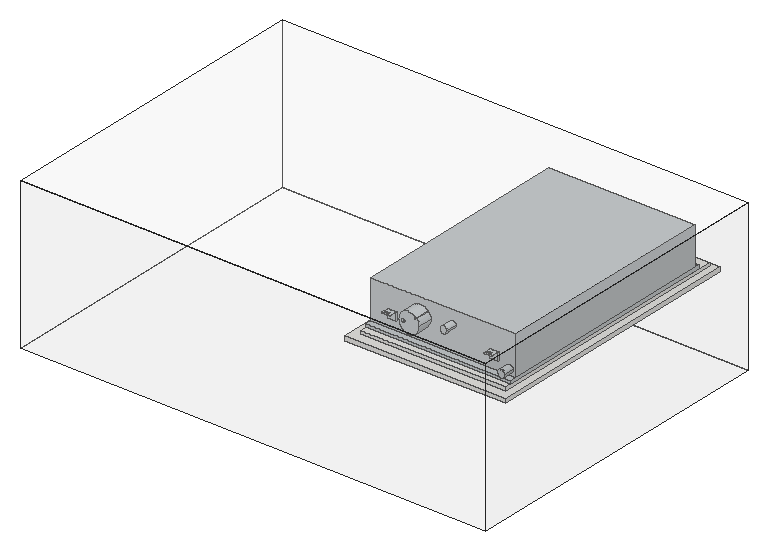
Revit family "pm-rp40_80fa22_60hz", category 機械設備, Revit 2023
Family settings
  丸型コネクタ寸法 = 直径を使用
  パーツ タイプ = 標準
  OmniClass 番号 = 23.75.10.24.21.27.27
  OmniClass タイトル = Split System Air Conditioning Units
  作業面ベース = いいえ
  常に垂直 = はい
  ロード時にボイドで切り取り = いいえ
  注釈の向きを維持 = いいえ
  共有 = いいえ
  部屋計算ポイント = はい
Parameters (values of type "PM-RP40FA22")
  風量_静 (㎥/min) = 11
  風量_強 (㎥/min) = 15
  風量_弱 (㎥/min) = 12
  風量_中 (㎥/min) = 14
  風量 = MAX風量  # 900.0 m³/h
  音響パワーレベル(dB) = [音響パワーレベル_強 (dB)]  # 55
  音響パワーレベル_静 (dB) = 47
  音響パワーレベル_強 (dB) = 55
  音響パワーレベル_弱 (dB) = 50
  音響パワーレベル_中 (dB) = 52
  電源種別 = ""
  電源_H = 60 mm
  電圧 = 0 V
  電動機出力_送風機 = 0.09 kW
  運転質量 = 0.00 kg
  連動 = ""
  質量 = if(製品質量 > 運転質量, 製品質量, 運転質量) * 1.2  # 37.80 kg
  負荷分類 = 3_ファン類
  製品質量_本体 = 25.00 kg
  製品質量_パネル = 6.50 kg
  構成品番 = ""
  既定の高さ = 0 mm
  ドレン管径 (外径) = 32.00 mm
  ドレン管径 = 25.00 mm
  サービススペース = yes
  【値が 0 の項目は組合せ形名にてご確認ください】 = ""
  URL = "https://www.mitsubishielectric.co.jp/ldg/wink/qr/002/364727"
  説明 = "店舗・事務所用パッケージエアコン(Mr.SLIM) [本体]1方向天井カセット形"
  設計暖房能力 = 0.00 kW
  設計冷房能力_顕熱 = 0 kW
  設計冷房能力 = 0 kW
  設置方法 = "カセット形"
  記号 = ""
  製造元 = "三菱電機株式会社"
  製品質量 = 製品質量_本体 + 製品質量_パネル  # 31.50 kg
  製品出荷対象 = "国内"
  製品リリース年月 = "2026/5/11"
  製品グループ = ""
  系統 = ""
  符号 = "PAC-CK1"
  積算_科目 = "1 空気調和設備"
  積算_拾い区分 [instance] = ""
  盤記号 = ""
  発停方法 = "別売リモコン"
  特殊仕様 = ""
  火災停止 = ""
  消費電力_暖房 = 0.07 kW
  消費電力_冷房 = 0.08 kW
  消費電力 = if(消費電力_冷房 > 消費電力_暖房, 消費電力_冷房, 消費電力_暖房)  # 0.08 kW
  法定耐用年数 = "6"
  極数 = 3
  材質 = ""
  本体マテリアル = none
  有効加湿量 = 0
  暖房能力 = 4.00 kW
  形式_加湿器 = ""
  形式 = "カセット形（1方向吹出形）"
  幹線記号 = ""
  始動方式 = "インバータ"
  呼称 = "パッケージ形空気調和機_室内機"
  周波数 = 60 Hz
  吊り位置Y = 1173 mm
  吊り位置X = 510 mm
  吊りボルト_H = 117 mm
  台数_手元リモコン = ""
  台数_冷媒分岐ユニット = ""
  参照している仕様書等のバージョン = "公共建築工事標準仕様書（機械設備工事編）平成31年度版"
  加湿給水管径 = 0.00 mm
  分類コード = "50053003123010"
  分類グループ = "設備"
  冷房能力 = 3.6 kW
  冷媒高低圧ガス管径 = 0.00 mm
  冷媒管径符号 = "Ac"
  冷媒管径 = 100.00 mm
  冷媒液管高さ = 171 mm
  冷媒液管長さ = 72 mm
  冷媒液管径 = 6.35 mm
  冷媒ガス管高さ = 141 mm
  冷媒ガス管長さ = 72 mm
  冷媒ガス管径 = 12.70 mm
  企業コード = "108420"
  付属品_フィルター = ""
  付属品 = ""
  モデル = "PM-RP40FA22"
  パネルマテリアル = none
  ドレン管高さ = 159 mm
  コメント [instance] = ""
  Width = 724 mm
  Version = ""
  Uniclass2015Version = "Systems v1.9"
  Uniclass2015Title = "Split coil remote air cooled condensing units"
  Uniclass2015Code = "Pr_70_65_03_84"
  SpecificationReference = ""
  SpecificationDescription = ""
  S_H = 230 mm
  Revision = ""
  ProductInformation = ""
  Panel Width = 800 mm
  Panel Height = 20 mm
  Panel Depth = 1340 mm
  OmniClassCode = "23-33 17 13 11"
  MIN風量 = [風量_静 (㎥/min)] * 60.0 m³/h  # 660.0 m³/h
  MID風量2 = [風量_弱 (㎥/min)] * 60.0 m³/h  # 720.0 m³/h
  MID風量 = [風量_中 (㎥/min)] * 60.0 m³/h  # 840.0 m³/h
  MAX風量 = [風量_強 (㎥/min)] * 60.0 m³/h  # 900.0 m³/h
  IfcTypeProduct = ""
  IfcProduct = ""
  IfcExportType = "AIRCONDITIONINGUNIT"
  IfcExportAs = "IfcUnitaryEquipmentType"
  Height = 225 mm
  Depth = 1112 mm
  価格 = 0
  Clearance Top = 230 mm
  Clearance Right = 20 mm
  Clearance Left = 1500 mm
  Clearance Front = 150 mm
  Clearance Bottom = 500 mm
  Clearance Back = 150 mm
  BLCJ仕様バージョン = "2.0"
  Author = "三菱電機株式会社"
Types (8, lengths in mm): name | 風量_静 (㎥/min) | 風量_強 (㎥/min) | 風量_弱 (㎥/min) | 風量_中 (㎥/min) | 風量 | 音響パワーレベル(dB) | 音響パワーレベル_静 (dB) | 音響パワーレベル_強 (dB) | 音響パワーレベル_弱 (dB) | 音響パワーレベル_中 (dB) | 電源_H | 電動機出力_送風機 | 質量 | 製品質量_本体 | URL | 製品質量 | 消費電力_暖房 | 消費電力_冷房 | 消費電力 | 暖房能力 | 冷房能力 | 冷媒管径符号 | 冷媒液管径 | 冷媒ガス管径 | モデル | MIN風量 | MID風量2 | MID風量 | MAX風量
  PM-RP40FA22 | 11 | 15 | 12 | 14 | 900.0 m³/h | 55 | 47 | 55 | 50 | 52 | 60 | 0.09 kW | 37.80 kg | 25.00 kg | "https://www.mitsubishielectric.co.jp/ldg/wink/qr/002/364727" | 31.50 kg | 0.07 kW | 0.08 kW | 0.08 kW | 4.00 kW | 3.6 kW | "Ac" | 6.35 | 12.70 | "PM-RP40FA22" | 660.0 m³/h | 720.0 m³/h | 840.0 m³/h | 900.0 m³/h
  PM-RP45FA22 | 11 | 15 | 12 | 14 | 900.0 m³/h | 55 | 47 | 55 | 50 | 52 | 60 | 0.09 kW | 37.80 kg | 25.00 kg | "https://www.mitsubishielectric.co.jp/ldg/wink/qr/002/364728" | 31.50 kg | 0.07 kW | 0.08 kW | 0.08 kW | 4.50 kW | 4 kW | "Ac" | 6.35 | 12.70 | "PM-RP45FA22" | 660.0 m³/h | 720.0 m³/h | 840.0 m³/h | 900.0 m³/h
  PM-RP50FA22 | 11 | 15 | 12 | 14 | 900.0 m³/h | 55 | 47 | 55 | 50 | 52 | 60 | 0.09 kW | 37.80 kg | 25.00 kg | "https://www.mitsubishielectric.co.jp/ldg/wink/qr/002/364729" | 31.50 kg | 0.07 kW | 0.08 kW | 0.08 kW | 5.00 kW | 4.5 kW | "Ac" | 6.35 | 12.70 | "PM-RP50FA22" | 660.0 m³/h | 720.0 m³/h | 840.0 m³/h | 900.0 m³/h
  PM-RP56FA22 | 14 | 17 | 15 | 16 | 1020.0 m³/h | 55 | 50 | 55 | 51 | 53 | 60 | 0.095 kW | 39.00 kg | 26.00 kg | "https://www.mitsubishielectric.co.jp/ldg/wink/qr/002/364730" | 32.50 kg | 0.07 kW | 0.08 kW | 0.08 kW | 5.60 kW | 5 kW | "Ac" | 6.35 | 12.70 | "PM-RP56FA22" | 840.0 m³/h | 900.0 m³/h | 960.0 m³/h | 1020.0 m³/h
  PM-RP63FA22 | 14 | 19 | 16 | 17 | 1140.0 m³/h | 56 | 50 | 56 | 52 | 54 | 60 | 0.095 kW | 39.00 kg | 26.00 kg | "https://www.mitsubishielectric.co.jp/ldg/wink/qr/002/364731" | 32.50 kg | 0.08 kW | 0.09 kW | 0.09 kW | 6.30 kW | 5.6 kW | "Ac" | 6.35 | 12.70 | "PM-RP63FA22" | 840.0 m³/h | 960.0 m³/h | 1020.0 m³/h | 1140.0 m³/h
  PM-RP71FA22 | 14 | 20 | 16 | 18 | 1200.0 m³/h | 58 | 51 | 58 | 53 | 55 | 60 | 0.095 kW | 39.00 kg | 26.00 kg | "https://www.mitsubishielectric.co.jp/ldg/wink/qr/002/364732" | 32.50 kg | 0.09 kW | 0.10 kW | 0.10 kW | 7.10 kW | 6.3 kW | "Bd" | 9.52 | 15.88 | "PM-RP71FA22" | 840.0 m³/h | 960.0 m³/h | 1080.0 m³/h | 1200.0 m³/h
  PM-RP80FA22 | 14 | 20 | 16 | 18 | 1200.0 m³/h | 58 | 51 | 58 | 53 | 55 | 0 | 0.095 kW | 39.00 kg | 26.00 kg | "https://www.mitsubishielectric.co.jp/ldg/wink/qr/002/364733" | 32.50 kg | 0.09 kW | 0.10 kW | 0.10 kW | 8.00 kW | 7.1 kW | "Bd" | 9.52 | 15.88 | "PM-RP80FA22" | 840.0 m³/h | 960.0 m³/h | 1080.0 m³/h | 1200.0 m³/h
  PM-HRP80FA22 | 14 | 20 | 16 | 18 | 1200.0 m³/h | 59 | 51 | 59 | 53 | 55 | 0 | 0.095 kW | 40.20 kg | 27.00 kg | "https://www.mitsubishielectric.co.jp/ldg/wink/qr/002/364734" | 33.50 kg | 0.10 kW | 0.11 kW | 0.11 kW | 8.00 kW | 7.1 kW | "Bd" | 9.52 | 15.88 | "PM-HRP80FA22" | 840.0 m³/h | 960.0 m³/h | 1080.0 m³/h | 1200.0 m³/h
Reference planes
  plane 1 "中心(正面/背面)": y = 0
  plane 2: z = 0
  plane 3 "中心(左/右)": x = 0
  plane 4: x = -400
  plane 5: x = 400
  plane 6: y = 670
  plane 7: y = -670
  plane 8: z = 225
  plane 9: z = 230
  plane 10: x = -255
  plane 11: x = 255
  plane 12: y = 586.5
  plane 13: y = -586.5
  plane 14: y = 556
  plane 15: y = -556
  plane 16: x = -362
  plane 17: x = 362
  plane 18: x = -1900
  plane 19: x = 420
  plane 20: y = 820
  plane 21: y = -820
  plane 22: z = 230
  plane 23: z = -20
  plane 24: z = -520
Dimensions and locks
  equal spacing: plane 4, plane 3 "中心(左/右)", plane 5
  plane 4 to plane 5 = 800 mm
  equal spacing: plane 7, plane 1 "中心(正面/背面)", plane 6
  plane 4 to plane 10 = 145 mm
  plane 11 to plane 5 = 145 mm
  "S_H": plane 9 to level
  "吊り位置X": plane 10 to plane 11
  equal spacing: plane 10, plane 3 "中心(左/右)", plane 11
  equal spacing: plane 13, plane 1 "中心(正面/背面)", plane 12
  "吊り位置Y": plane 13 to plane 12
  equal spacing: plane 15, plane 1 "中心(正面/背面)", plane 14
  "Depth": plane 15 to plane 14
  equal spacing: plane 16, plane 3 "中心(左/右)", plane 17
  "Width": plane 16 to plane 17
  "Clearance Left": plane 18 to plane 4
  "Clearance Right": plane 5 to plane 19
  "Clearance Back": plane 6 to plane 20
  "Clearance Front": plane 21 to plane 7
  locked: level to plane 23 at 20
  "Clearance Bottom": plane 23 to plane 24
  "Clearance Top": plane 22 to level
  plane 12 to plane 6 = 83.5 mm
  plane 7 to plane 13 = 83.5 mm
  plane 7 to plane 6 = 1340 mm
  "Height": plane 8 to level
  aligned and locked: level to plane 2
  aligned and locked: plane 10 to nested 2
  aligned and locked: plane 11 to nested 2
  aligned and locked: nested 2 to plane 12
  aligned and locked: plane 13 to nested 2
  aligned and locked: plane 18 to nested 1
  aligned and locked: plane 19 to nested 1
  aligned and locked: nested 1 to plane 21
  aligned and locked: nested 1 to plane 20
  aligned and locked: plane 22 to nested 1
  aligned and locked: plane 24 to nested 1
  aligned and locked: plane 1 "中心(正面/背面)" to nested 3
  aligned and locked: nested 3 to plane 3 "中心(左/右)"
Nested families
  nested 1: "サービススペース" at (-740, 0, -145), visible <- "サービススペース", type "サービススペース", detail levels fine
    with Width 2320 mm, Height 750 mm, Depth 1640 mm
  nested 2: "固定点" at (-255, -586.5, 0), type "固定点"
    with W 510 mm, D 1173 mm
  nested 3: "PM-RP_FA" at (0, 0, 0) x (0, -1, 0) z (0, 0, 1), type "PM-RP_FA"
    with ユニット表示 yes, 液配管サイズ 6.35 mm, ガス配管サイズ 12.7 mm
Connectors
  piping at (47, -613, 159), diameter 25, driven by "ドレン管径"
    settings: on nested 3, index 1, connector inside diameter 609.60 mm, connector length 0 mm, flow factor 0, pipe flow 0.0 L/s, pressure drop 0.0 Pa, fitting loss kfactor 0, connector angle 0.00°, fixture units 0, engagement length 0 mm, angle of deflection 0.00°, flow configuration 1, flow direction 2, fitting loss method 4, system type 16, joint type 0, gender type 0, connector reference index -1, connector utility 0, adjustable connector no, is connector primary yes, connector description ""
  piping at (-113, -628, 141), diameter 100, driven by "冷媒管径", driven by "冷媒管径符号"
    settings: on nested 3, index 2, connector inside diameter 609.60 mm, connector length 0 mm, flow factor 0, pipe flow 0.0 L/s, pressure drop 0.0 Pa, fitting loss kfactor 0, connector angle 0.00°, fixture units 0, engagement length 0 mm, angle of deflection 0.00°, flow configuration 1, flow direction 1, fitting loss method 4, system type 7, joint type 0, gender type 0, connector reference index -1, connector utility 0, adjustable connector no, is connector primary no, connector description "Ac"
  electrical at (330, -606, 60), driven by "極数", driven by "負荷分類", driven by "電圧", driven by "消費電力"
    settings: on nested 3, index 3, voltage 0 V, apparent load 80 VA, apparent load phase1 0 VA, apparent load phase2 0 VA, apparent load phase3 0 VA, power factor 1, load classification "3_ファン類", number of poles 3, system type 30, power factor state 1, is connector primary yes, connector utility no, sub classification motor no, connector description ""
Definition of nested family "サービススペース"
  Parameters (values of type "サービススペース")
    Default Elevation = 0 mm
    Width [instance] = 500 mm
    Height [instance] = 500 mm
    Depth [instance] = 500 mm
  Reference planes
    plane 1 "中心(正面/背面)": y = 0
    plane 2: z = 0
    plane 3 "中心(左/右)": x = 0
    plane 4: y = -250
    plane 5: x = 250
    plane 6: y = 250
    plane 7: x = -250
    plane 8: z = 250
    plane 9: z = -250
  Forms (mm)
    Extrusion 1, solid
      sketch origin (-638.939, 0, 72.39) x (1, 0, 0) y (0, 1, 0)
        loop
          line (388.939, 250) -> (388.939, -250) -> (888.939, -250) -> (888.939, 250) -> (388.939, 250)
      from -322.39 to 177.61
  Lines and regions (mm)
    symbolic lines
      curve 1: line (-250, 0, 250) -> (250, 0, 250)
      curve 2: line (-250, 0, -250) -> (-250, 0, 250)
      curve 3: line (250, 0, -250) -> (-250, 0, -250)
      curve 4: line (250, 0, 250) -> (250, 0, -250)
      curve 5: line (0, -250, 250) -> (0, 250, 250)
      curve 6: line (0, -250, -250) -> (0, -250, 250)
      curve 7: line (0, 250, -250) -> (0, -250, -250)
      curve 8: line (0, 250, 250) -> (0, 250, -250)
      curve 9: line (-250, 250, 0) -> (250, 250, 0)
      curve 10: line (-250, -250, 0) -> (-250, 250, 0)
      curve 11: line (250, -250, 0) -> (-250, -250, 0)
      curve 12: line (250, 250, 0) -> (250, -250, 0)
  Dimensions and locks
    equal spacing: plane 7, plane 3 "中心(左/右)", plane 5
    equal spacing: plane 4, plane 1 "中心(正面/背面)", plane 6
    "Depth": plane 4 to plane 6
    "Width": plane 7 to plane 5
    equal spacing: plane 8, plane 2, plane 9
    "Height": plane 8 to plane 9
    aligned and locked: plane 9 to curve 3
    aligned and locked: plane 7 to curve 2
    aligned and locked: curve 4 to plane 5
    aligned and locked: plane 5 to Extrusion 1
    aligned and locked: Extrusion 1 to plane 7
    aligned and locked: Extrusion 1 to plane 9
    aligned and locked: plane 8 to Extrusion 1
    aligned and locked: plane 9 to curve 7
  Automatic sketch dimensions
    plane 4 to Extrusion 1 sketch curve = 0 mm
    Extrusion 1 sketch curve to plane 7 = 0 mm
    Extrusion 1 sketch curve to plane 5 = 0 mm
    plane 6 to Extrusion 1 sketch curve = 0 mm
    curve 2 to plane 8 = 0 mm
    plane 4 to curve 11 = 0 mm
    curve 11 to plane 7 = 0 mm
    curve 11 to plane 5 = 0 mm
    plane 6 to curve 10 = 0 mm
    curve 7 to plane 4 = 0 mm
    curve 7 to plane 6 = 0 mm
    curve 6 to plane 8 = 0 mm
Definition of nested family "PM-RP_FA"
  Parameters (values of type "PM-RP_FA")
    配線取出口サイズ = 36 mm
    配線取出口-Z = 60 mm
    配線取出口-Y = 32 mm
    配線取出口-X = 50 mm
    液配管サイズ = 9.5 mm
    Default Elevation = 0 mm
    冷媒ガス管径-Z2 = 141 mm
    冷媒ガス管径-Z1 = 171 mm
    A = 幅さ + 228 mm  # 1340 mm
    高さ = 225 mm
    奥行き = 724 mm
    吊りボルト_H = 117 mm
    冷媒配管 = 100 mm
    冷媒液管径-Z = 171 mm
    冷媒液管径-Y = 445 mm
    冷媒液管径-X = 72 mm
    冷媒ガス管径-Z = 141 mm
    冷媒ガス管径-Y = 505 mm
    冷媒ガス管径-X = 72 mm
    ユニット表示 [instance] = yes
    ボルトピッチ = 510 mm
    ドレン配管サイズ = 32 mm
    ドレン管径-Z = 159 mm
    ドレン管径-Y = 315 mm
    ドレン管径-X = 57 mm
    ガス配管サイズ = 15.9 mm
    D = 幅さ + 61 mm  # 1173 mm
    幅さ = 1112 mm
    B = 幅さ + 188 mm  # 1300 mm
  Reference planes
    plane 1 "中心(正面/背面)": y = 0
    plane 2: z = 0
    plane 3 "中心(左/右)": x = 0
    plane 4: x = -670
    plane 5: x = 670
    plane 6: y = 400
    plane 7: y = -400
    plane 8: z = 225
    plane 9: z = -20
    plane 10: x = -556
    plane 11: x = 556
    plane 12: y = 362
    plane 13: y = -362
    plane 14: z = 16
    plane 15: x = -650
    plane 16: x = 650
    plane 17: x = 586.5
    plane 18: x = -586.5
    plane 19: z = 32
    plane 20: x = 620
    plane 21: y = 255
    plane 22: y = -255
    plane 23: x = 628
    plane 24: y = -143
    plane 25: z = 141
    plane 26: x = 628
    plane 27: y = -83
    plane 28: x = 613
    plane 29: y = 47
    plane 30: z = 159
    plane 31: x = 606
    plane 32: y = 330
    plane 33: z = 60
    plane 34: z = 117
    plane 35: z = 115
    plane 36: z = 75
    plane 37: y = 275
    plane 38: y = 235
    plane 39: y = -235
    plane 40: y = -275
    plane 41: y = 260
    plane 42: y = 250
    plane 43: y = -250
    plane 44: y = -260
    plane 45: x = -596
    plane 46: x = 596
    plane 47: x = -558
    plane 48: x = 558
    plane 49: z = 141
    plane 50: z = 171
  Forms (mm)
    Extrusion 1, solid, visible <- "ユニット表示", detail levels fine
      sketch origin (0, 0, 0) x (1, 0, 0) y (0, 1, 0)
        loop
          line (-556, 362) -> (-556, -362) -> (556, -362) -> (556, 362) -> (-556, 362)
      from 32 to 225
    Extrusion 2, solid, visible <- "ユニット表示", detail levels fine
      sketch origin (-1437.329, -1524, 16) x (-1, 0, 0) y (0, -1, 0)
        loop
          line (-850.829, -1886) -> (-850.829, -1162) -> (-2023.829, -1162) -> (-2023.829, -1886) -> (-850.829, -1886)
      from 0 to 16
    Extrusion 3, solid, visible <- "ユニット表示", detail levels fine
      sketch origin (-1437.329, -1524, 16) x (-1, 0, 0) y (0, -1, 0)
        loop
          line (-787.329, -1886) -> (-787.329, -1162) -> (-2057.329, -1162) -> (-2057.329, -1886) -> (-787.329, -1886)
      from 0 to -16
    Extrusion 4, solid, visible <- "ユニット表示", detail levels fine
      sketch origin (556, 1296.25, 1200) x (0, 1, 0) y (0, 0, 1)
        loop
          circle (-1439.25, -1059) r 7.95
      from 0 to 72
    Extrusion 5, solid, visible <- "ユニット表示", detail levels fine
      sketch origin (556, 1296.25, 1200) x (0, 1, 0) y (0, 0, 1)
        loop
          circle (-1379.25, -1029) r 4.75
      from 0 to 72
    Extrusion 6, solid, visible <- "ユニット表示", detail levels fine
      sketch origin (556, 1296.25, 1200) x (0, 1, 0) y (0, 0, 1)
        loop
          circle (-1249.25, -1041) r 16
      from 0 to 57
    Extrusion 7, solid, visible <- "ユニット表示", detail levels fine
      sketch origin (556, 1296.25, 1200) x (0, 1, 0) y (0, 0, 1)
        loop
          circle (-966.25, -1140) r 18
      from 0 to 50
    Extrusion 8, solid, visible <- "ユニット表示", detail levels fine
      sketch origin (556, 1306.25, 1200) x (0, 1, 0) y (0, 0, 1)
        loop
          circle (-1419.25, -1059) r 50
      from 0 to 72
    Extrusion 9, solid, visible <- "ユニット表示"
      sketch origin (0, 0, 0) x (1, 0, 0) y (0, 1, 0)
        loop
          line (-670, 400) -> (-670, -400) -> (670, -400) -> (670, 400) -> (-670, 400)
      from 0 to -20
    Extrusion 10, solid, visible <- "ユニット表示", detail levels fine
      sketch origin (0, 0, 0) x (1, 0, 0) y (0, 1, 0)
        loop
          line (-581.5, 260) -> (-581.5, 250)
          arc (-581.5, 250) -> (-586.5, 245) -> (-591.5, 250) r 5
          line (-591.5, 250) -> (-596, 250) -> (-596, 235) -> (-556, 235) -> (-556, 275) -> (-596, 275) -> (-596, 260) -> (-591.5, 260)
          arc (-591.5, 260) -> (-586.5, 265) -> (-581.5, 260) r 5
        loop
          arc (581.5, 260) -> (586.5, 265) -> (591.5, 260) r 5
          line (591.5, 260) -> (596, 260) -> (596, 275) -> (556, 275) -> (556, 235) -> (596, 235) -> (596, 250) -> (591.5, 250)
          arc (591.5, 250) -> (586.5, 245) -> (581.5, 250) r 5
          line (581.5, 250) -> (581.5, 260)
        loop
          line (581.5, -260) -> (581.5, -250)
          arc (581.5, -250) -> (586.5, -245) -> (591.5, -250) r 5
          line (591.5, -250) -> (596, -250) -> (596, -235) -> (556, -235) -> (556, -275) -> (596, -275) -> (596, -260) -> (591.5, -260)
          arc (591.5, -260) -> (586.5, -265) -> (581.5, -260) r 5
        loop
          arc (-581.5, -260) -> (-586.5, -265) -> (-591.5, -260) r 5
          line (-591.5, -260) -> (-596, -260) -> (-596, -275) -> (-556, -275) -> (-556, -235) -> (-596, -235) -> (-596, -250) -> (-591.5, -250)
          arc (-591.5, -250) -> (-586.5, -245) -> (-581.5, -250) r 5
          line (-581.5, -250) -> (-581.5, -260)
      from 115 to 117
    Extrusion 11, solid, visible <- "ユニット表示", detail levels fine
      sketch origin (0, 0, 0) x (1, 0, 0) y (0, 1, 0)
        loop
          line (-558, 275) -> (-558, 235) -> (-556, 235) -> (-556, 275) -> (-558, 275)
        loop
          line (556, 275) -> (556, 235) -> (558, 235) -> (558, 275) -> (556, 275)
        loop
          line (556, -235) -> (556, -275) -> (558, -275) -> (558, -235) -> (556, -235)
        loop
          line (-558, -235) -> (-558, -275) -> (-556, -275) -> (-556, -235) -> (-558, -235)
      from 75 to 115
  Dimensions and locks
    equal spacing: plane 7, plane 1 "中心(正面/背面)", plane 6
    plane 7 to plane 6 = 800 mm
    equal spacing: plane 4, plane 3 "中心(左/右)", plane 5
    "A": plane 4 to plane 5
    locked: level to plane 9 at 20
    equal spacing: plane 13, plane 1 "中心(正面/背面)", plane 12
    "奥行き": plane 13 to plane 12
    equal spacing: plane 10, plane 3 "中心(左/右)", plane 11
    "幅さ": plane 10 to plane 11
    locked: plane 14 to level at 16
    equal spacing: plane 15, plane 3 "中心(左/右)", plane 16
    "B": plane 15 to plane 16
    equal spacing: plane 18, plane 3 "中心(左/右)", plane 17
    "D": plane 18 to plane 17
    equal spacing: plane 22, plane 1 "中心(正面/背面)", plane 21
    "ボルトピッチ": plane 22 to plane 21
    "冷媒ガス管径-X": plane 11 to plane 23
    "冷媒ガス管径-Y": plane 24 to plane 12
    "冷媒液管径-X": plane 11 to plane 26
    "冷媒液管径-Y": plane 27 to plane 12
    "ドレン管径-X": plane 11 to plane 28
    "ドレン管径-Y": plane 29 to plane 12
    "配線取出口-X": plane 11 to plane 31
    "配線取出口-Y": plane 32 to plane 12
    "配線取出口-Z": plane 33 to level
    "ドレン管径-Z": plane 30 to level
    "冷媒ガス管径-Z": plane 25 to level
    locked: plane 35 to plane 36 at 40
    locked: plane 34 to plane 35 at 2
    "吊りボルト_H": plane 34 to level
    plane 40 to plane 22 to plane 39 = 20 mm locked, 20 mm locked
    plane 38 to plane 21 to plane 37 = 20 mm locked, 20 mm locked
    plane 44 to plane 22 to plane 43 = 5 mm locked, 5 mm locked
    plane 42 to plane 21 to plane 41 = 5 mm locked, 5 mm locked
    locked: plane 45 to plane 10 at 40
    locked: plane 11 to plane 46 at 40
    locked: plane 11 to plane 48 at 2
    locked: plane 47 to plane 10 at 2
    plane 16 to plane 15 = 1300 mm
    plane 4 to plane 15 = 20 mm
    plane 15 to plane 10 = 94 mm
    plane 11 to plane 16 = 94 mm
    plane 12 to plane 6 = 38 mm
    locked: plane 19 to plane 14 at 16
    "高さ": plane 8 to level
    equal spacing: plane 24, Extrusion 8 sketch curve, plane 27
    plane 7 to plane 13 = 38 mm
    plane 16 to plane 5 = 20 mm
    "冷媒ガス管径-Z2": plane 49 to level
    "冷媒ガス管径-Z1": plane 50 to level
    "ガス配管サイズ": diameter of Extrusion 4 sketch curve
    "液配管サイズ": diameter of Extrusion 5 sketch curve
    "配線取出口サイズ": diameter of Extrusion 7 sketch curve
    "冷媒配管": diameter of Extrusion 8 sketch curve
    "ドレン配管サイズ": diameter of Extrusion 6 sketch curve
    aligned and locked: level to plane 2
    aligned and locked: plane 12 to Extrusion 1 sketch curve
    aligned and locked: plane 10 to Extrusion 1 sketch curve
    aligned and locked: Extrusion 1 sketch curve to plane 13
    aligned and locked: Extrusion 1 sketch curve to plane 11
    aligned and locked: plane 8 to Extrusion 1
    aligned and locked: plane 12 to Extrusion 2 sketch curve
    aligned and locked: plane 18 to Extrusion 2 sketch curve
    aligned and locked: Extrusion 2 sketch curve to plane 13
    aligned and locked: Extrusion 2 sketch curve to plane 17
    aligned and locked: plane 19 to Extrusion 2
    aligned and locked: Extrusion 1 to Extrusion 2
    aligned and locked: plane 12 to Extrusion 3 sketch curve
    aligned and locked: Extrusion 3 sketch curve to plane 13
    aligned and locked: Extrusion 3 sketch curve to plane 20
    aligned and locked: Extrusion 3 to level
    aligned and locked: plane 14 to Extrusion 3
    aligned and locked: plane 24 to Extrusion 4 sketch curve
    aligned and locked: Extrusion 4 to plane 11
    aligned and locked: plane 23 to Extrusion 4
    aligned and locked: plane 27 to Extrusion 5 sketch curve
    aligned and locked: plane 26 to Extrusion 5
    aligned and locked: Extrusion 5 to plane 11
    aligned and locked: plane 30 to Extrusion 6 sketch curve
    aligned and locked: plane 29 to Extrusion 6 sketch curve
    aligned and locked: Extrusion 6 to plane 11
    aligned and locked: plane 28 to Extrusion 6
    aligned and locked: plane 33 to Extrusion 7 sketch curve
    aligned and locked: plane 32 to Extrusion 7 sketch curve
    aligned and locked: Extrusion 7 to plane 11
    aligned and locked: plane 31 to Extrusion 7
    aligned and locked: plane 25 to Extrusion 8 sketch curve
    aligned and locked: Extrusion 8 to plane 11
    aligned and locked: plane 26 to Extrusion 8
    aligned and locked: level to Extrusion 9
    aligned and locked: Extrusion 9 to plane 9
    aligned and locked: Extrusion 10 sketch curve to plane 10
    aligned and locked: plane 34 to Extrusion 10
    aligned and locked: Extrusion 10 to plane 35
    aligned and locked: plane 37 to Extrusion 10 sketch curve
    aligned and locked: plane 45 to Extrusion 10 sketch curve  (x2)
    aligned and locked: Extrusion 10 sketch curve to plane 38
    aligned and locked: Extrusion 10 sketch curve to plane 42
    aligned and locked: Extrusion 10 sketch curve to plane 41
    aligned and locked: plane 41 to Extrusion 10 sketch curve  (x3)
    aligned and locked: plane 42 to Extrusion 10 sketch curve  (x3)
    aligned and locked: plane 18 to Extrusion 10 sketch curve  (x4)
    aligned and locked: plane 10 to Extrusion 10 sketch curve
    aligned and locked: Extrusion 10 sketch curve to plane 39
    aligned and locked: plane 40 to Extrusion 10 sketch curve
    aligned and locked: plane 44 to Extrusion 10 sketch curve  (x3)
    aligned and locked: plane 43 to Extrusion 10 sketch curve  (x3)
    aligned and locked: Extrusion 10 sketch curve to plane 43
    aligned and locked: Extrusion 10 sketch curve to plane 44
    aligned and locked: Extrusion 10 sketch curve to plane 45  (x2)
    aligned and locked: plane 11 to Extrusion 10 sketch curve
    aligned and locked: Extrusion 10 sketch curve to plane 46  (x2)
    aligned and locked: plane 17 to Extrusion 10 sketch curve  (x4)
    aligned and locked: Extrusion 10 sketch curve to plane 40
    aligned and locked: plane 39 to Extrusion 10 sketch curve
    aligned and locked: plane 46 to Extrusion 10 sketch curve  (x2)
    aligned and locked: plane 38 to Extrusion 10 sketch curve
    aligned and locked: Extrusion 10 sketch curve to plane 11
    aligned and locked: Extrusion 10 sketch curve to plane 37
    aligned and locked: plane 37 to Extrusion 11 sketch curve
    aligned and locked: plane 47 to Extrusion 11 sketch curve  (x2)
    aligned and locked: Extrusion 11 sketch curve to Extrusion 10  (x8)
    aligned and locked: Extrusion 11 sketch curve to plane 38
    aligned and locked: Extrusion 11 sketch curve to plane 48  (x2)
    aligned and locked: Extrusion 11 sketch curve to plane 40
    aligned and locked: plane 39 to Extrusion 11 sketch curve
    aligned and locked: Extrusion 11 to Extrusion 10
    aligned and locked: Extrusion 11 to plane 36
    aligned and locked: plane 49 to Extrusion 4 sketch curve
    aligned and locked: plane 50 to Extrusion 5 sketch curve
  Automatic sketch dimensions
    Extrusion 9 sketch curve to plane 4 = 0 mm
    Extrusion 9 sketch curve to plane 5 = 0 mm
    plane 7 to Extrusion 9 sketch curve = 0 mm
    plane 6 to Extrusion 9 sketch curve = 0 mm
    Extrusion 10 sketch curve to plane 18 = 5 mm  (x2)
    Extrusion 10 sketch curve to plane 17 = 5 mm  (x2)
    Extrusion 3 sketch curve to plane 15 = 0 mm
Definition of nested family "固定点"
  Parameters (values of type "固定点")
    Default Elevation = 0 mm
    中心円 = 20 mm
    W [instance] = 1000 mm
    D [instance] = 1000 mm
  Reference planes
    plane 1 "中心(正面/背面)": y = 0
    plane 2: z = 0
    plane 3 "中心(左/右)": x = 0
    plane 4: x = 1000
    plane 5: y = 1000
  Lines and regions (mm)
    symbolic lines, detail levels fine
      curve 1: circle (0, 1000, 0) r 10 normal (0, 0, 1)
      curve 2: circle (0, 0, 0) r 10 normal (0, 0, 1)
      curve 3: circle (1000, 1000, 0) r 10 normal (0, 0, 1)
      curve 4: circle (1000, 0, 0) r 10 normal (0, 0, 1)
      curve 5: line (-200, 1000, 0) -> (1200, 1000, 0)
      curve 6: line (-200, 0, 0) -> (1200, 0, 0)
      curve 7: line (0, 1200, 0) -> (0, -200, 0)
      curve 8: line (1000, 1200, 0) -> (1000, -200, 0)
  Dimensions and locks
    "W": plane 3 "中心(左/右)" to plane 4
    "D": plane 1 "中心(正面/背面)" to plane 5
    "中心円": diameter of curve 1
    "中心円": diameter of curve 2
    "中心円": diameter of curve 3
    "中心円": diameter of curve 4
    aligned and locked: level to plane 2
    aligned and locked: plane 5 to curve 1
    aligned and locked: plane 3 "中心(左/右)" to curve 1
    aligned and locked: plane 3 "中心(左/右)" to curve 2
    aligned and locked: plane 1 "中心(正面/背面)" to curve 2
    aligned and locked: plane 4 to curve 3
    aligned and locked: plane 5 to curve 3
    aligned and locked: plane 1 "中心(正面/背面)" to curve 4
    aligned and locked: plane 4 to curve 4
    aligned and locked: plane 1 "中心(正面/背面)" to curve 6
    aligned and locked: curve 7 to plane 3 "中心(左/右)"
    aligned and locked: curve 8 to plane 4
  Automatic sketch dimensions
    curve 5 to plane 5 = 0 mm
    curve 6 to plane 3 "中心(左/右)" = 200 mm
    curve 5 to plane 3 "中心(左/右)" = 200 mm
    curve 4 to curve 6 = 200 mm
    curve 3 to curve 5 = 200 mm
    plane 1 "中心(正面/背面)" to curve 8 = 200 mm
    plane 1 "中心(正面/背面)" to curve 7 = 200 mm
    curve 3 to curve 8 = 200 mm
    curve 1 to curve 7 = 200 mm
